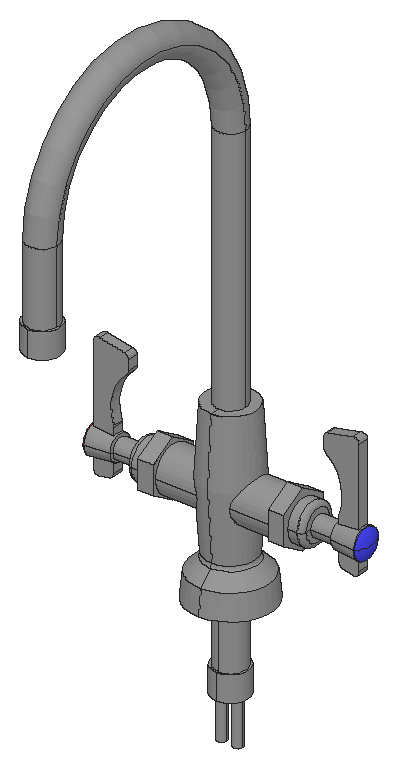
Revit family "Krowne_16-450L_DeckMount_Faucet", category Plumbing Fixtures, Revit 2018
Family settings
  Round Connector Dimension = Use Diameter
  Part Type = Normal
  OmniClass Number = 23.40.40.00
  OmniClass Title = Food Service Equipment and Furnishings
  Work Plane-Based = No
  Always vertical = Yes
  Cut with Voids When Loaded = No
  Shared = No
  Room Calculation Point = No
Parameters (values of type "16-450L")
  Width = 7"
  Weight in Pounds = 5
  Watermarked By = ""
  URL Cutsheet = ""
  URL = "https://krowne.com/"
  Status [instance] = ""
  Specification by User [instance] = ""
  Specification by Manufacturer [instance] = ""
  Serial Number [instance] = ""
  Revision Code [instance] = ""
  NAFEM Spec ID Number [instance] = ""
  Model = "16-450L"
  Masterspec [instance] = ""
  Manufacturer = "Krowne Metal"
  Item Number [instance] = "-"
  Installed By [instance] = ""
  Hot Water Temperature = 100 °F
  Hot Water Size = 3/8"
  Hot Water RI Height = 0"
  Hot Water Flow = 1.2 GPM
  Hot Water Connection Height = 0"
  Height = 13 7/8"
  Furnished By [instance] = ""
  Foodservice Equipment Identifier = yes
  Description = "Single Hole Faucet with Rigid Gooseneck Spout"
  Depth = 7"
  Cold Water Size = 3/8"
  Cold Water RI Height [instance] = 0"
  Cold Water Flow = 1.2 GPM
  Cold Water Consumption = ""
  Cold Water Connection Height = 0"
  CSI MasterFormat = ""
  Assembly Code = "E1090300"
Reference planes (in)
  plane 1 "BACK": y = 0.0625
  plane 2: z = 0
  plane 3 "LEFT": x = -13.81573
  plane 4 "CENTER L/R": x = -12.56573
  plane 5: y = -0.9375
  plane 6: z = 13.875
  plane 7 "Faucet Lip": z = 8.125
  plane 8: y = -6.8125
  plane 9: z = 5.125
  plane 10: x = -9.06573
  plane 11 "CENTER L/S": x = -11.31573
  plane 12: z = 2.375
  plane 13: x = -16.06573
  plane 14 "CENTER L/T": y = -1.9375
Forms (in)
  Extrusion 1, solid, material "QF_Steel-Chrome-Polished"
    sketch origin (0, 0.625, 8.125) x (0, 1, 0) y (-1, 0, 0)
      loop
        circle (-7.4375, 12.56573) r 0.4375
    from 0 to 0.625
  Sweep 2, solid, material "QF_Steel-Chrome-Polished"
    path origin (-12.56573, 0, 0) x (0, 1, 0) y (0, 0, 1)
      loop
        line (-0.9375, 4.375) -> (-0.9375, 10.5625)
        arc (-0.9375, 10.5625) -> (-3.875, 13.5) -> (-6.8125, 10.5625) r 2.9375
        line (-6.8125, 10.5625) -> (-6.8125, 8.1875)
    profile origin (-12.56573, -0.9375, 7.46875) x (0, -1, 0) y (1, 0, 0)
      loop
        circle (0, 0) r 0.375
  Revolve 3, solid, material "QF_Steel-Chrome-Polished"
    sketch origin (-12.56573, 0.1875, 0) x (0, 1, 0) y (0, 0, 1)
      loop
        line (-1.125, 0) -> (-0.125, 0) -> (-0.18466, 0.60399) -> (-0.49693, 0.91626)
        arc (-0.49693, 0.91626) -> (-0.5271, 0.96505) -> (-0.5323, 1.02217) r 0.125
        arc (-0.5323, 1.02217) -> (-0.40613, 2.69753) -> (-0.5, 4.375) r 12.82782
        line (-0.5, 4.375) -> (-1.125, 4.375) -> (-1.125, 0)
      axis (-1.125, 0) -> (-1.125, 4.375)
    angle from 0 to 360
  Extrusion 4, solid, material "QF_Steel-Chrome-Polished"
    sketch origin (-12.87823, 0.1875, -0.125) x (0, 1, 0) y (0, 0, 1)
      loop
        circle (-1.125, 2.5) r 0.5625
    from -1.125 to 1.75
  Revolve 5, solid, material "QF_Steel-Chrome-Polished"
    sketch origin (-12.56573, 0.1875, 0) x (0, 1, 0) y (0, 0, 1)
      loop
        line (-1.125, 0) -> (-1.125, -2.125) -> (-0.6875, -2.125) -> (-0.6875, -1.5) -> (-0.75, -1.5) -> (-0.75, 0) -> (-1.125, 0)
      axis (-1.125, 0) -> (-1.125, -2.125)
    angle from 0 to 360
  Extrusion 6, solid, material "QF_Steel-Chrome-Polished"
    sketch origin (-11.12823, -0.03125, 10.75323) x (0, 1, 0) y (0, 0, 1)
      loop
        line (-0.90625, -7.67139) -> (-1.51839, -8.02481) -> (-1.51839, -8.73164) -> (-0.90625, -9.08506) -> (-0.29411, -8.73164) -> (-0.29411, -8.02481) -> (-0.90625, -7.67139)
    from 0 to 0.375
  Revolve 7, solid, material "QF_Steel-Chrome-Polished"
    sketch origin (-15.12823, -0.03125, 2.375) x (0, 1, 0) y (-1, 0, 0)
      loop
        line (-0.90625, -4.375) -> (-0.90625, -4.75) -> (-0.53125, -4.75)
        arc (-0.53125, -4.75) -> (-0.44286, -4.71339) -> (-0.40625, -4.625) r 0.125
        line (-0.40625, -4.625) -> (-0.40625, -4.375) -> (-0.90625, -4.375)
      axis (-0.90625, -4.375) -> (-0.90625, -4.75)
    angle from 0 to 360
  Revolve 8, solid, material "QF_Steel-Chrome-Polished"
    sketch origin (-15.12823, -0.03125, 2.375) x (0, 1, 0) y (-1, 0, 0)
      loop
        line (-0.90625, -4.75) -> (-0.90625, -5.3125) -> (-0.65625, -5.3125) -> (-0.65625, -4.75) -> (-0.90625, -4.75)
      axis (-0.90625, -4.75) -> (-0.90625, -5.3125)
    angle from 0 to 360
  Revolve 9, solid, material "QF_Steel-Chrome-Polished"
    sketch origin (-15.12823, -0.03125, 2.375) x (0, 1, 0) y (-1, 0, 0)
      loop
        line (-0.90625, -5.3125) -> (-0.90625, -5.9375) -> (-0.53125, -5.9375) -> (-0.59375, -5.3125) -> (-0.90625, -5.3125)
      axis (-0.90625, -5.3125) -> (-0.90625, -5.9375)
    angle from 0 to 360
  Revolve 10, solid, material "QF_Plastic-Blue"
    sketch origin (-15.12823, -0.03125, 2.375) x (0, 1, 0) y (-1, 0, 0)
      loop
        line (-0.90625, -5.9375) -> (-0.90625, -6.0625)
        arc (-0.90625, -6.0625) -> (-0.70704, -6.03513) -> (-0.53125, -5.9375) r 0.54601
        line (-0.53125, -5.9375) -> (-0.90625, -5.9375)
      axis (-0.90625, -5.9375) -> (-0.90625, -6.0625)
    angle from 0 to 360
  Extrusion 11, solid, material "QF_Steel-Chrome-Polished"
    sketch origin (-15.12823, -0.9375, 10.75323) x (0, 0, 1) y (-1, 0, 0)
      loop
        arc (-6.12823, -5.875) -> (-6.03156, -5.82925) -> (-6.00565, -5.72549) r 0.125
        line (-6.00565, -5.72549) -> (-6.13064, -5.10053)
        arc (-6.13064, -5.10053) -> (-6.17396, -5.02837) -> (-6.25321, -5.00004) r 0.125
        line (-6.25321, -5.00004) -> (-6.5031, -5.00004)
        arc (-6.5031, -5.00004) -> (-6.55588, -5.01173) -> (-6.59879, -5.04462) r 0.125
        arc (-6.59879, -5.04462) -> (-7.17151, -5.40979) -> (-7.85017, -5.38199) r 1.13354
        arc (-7.85017, -5.38199) -> (-7.871, -5.37648) -> (-7.89247, -5.37462) r 0.125
        line (-7.89247, -5.37462) -> (-8.92568, -5.37462)
        arc (-8.92568, -5.37462) -> (-9.00493, -5.40295) -> (-9.04825, -5.47511) r 0.125
        line (-9.04825, -5.47511) -> (-9.09832, -5.72549)
        arc (-9.09832, -5.72549) -> (-9.07242, -5.82925) -> (-8.97575, -5.875) r 0.125
        line (-8.97575, -5.875) -> (-6.12823, -5.875)
    from -0.125 to 0.125
  Extrusion 12, solid, material "QF_Steel-Chrome-Polished"
    sketch origin (-14.00323, -0.03125, 10.75323) x (0, 1, 0) y (0, 0, -1)
      loop
        line (-0.90625, 7.67139) -> (-0.29411, 8.02481) -> (-0.29411, 8.73164) -> (-0.90625, 9.08506) -> (-1.51839, 8.73164) -> (-1.51839, 8.02481) -> (-0.90625, 7.67139)
    from 0 to 0.375
  Revolve 13, solid, material "QF_Steel-Chrome-Polished"
    sketch origin (-10.00323, -0.03125, 2.375) x (0, 1, 0) y (-1, 0, 0)
      loop
        line (-0.90625, 4.375) -> (-0.40625, 4.375) -> (-0.40625, 4.625)
        arc (-0.40625, 4.625) -> (-0.44286, 4.71339) -> (-0.53125, 4.75) r 0.125
        line (-0.53125, 4.75) -> (-0.90625, 4.75) -> (-0.90625, 4.375)
      axis (-0.90625, 4.375) -> (-0.90625, 4.75)
    angle from 0 to 360
  Revolve 14, solid, material "QF_Steel-Chrome-Polished"
    sketch origin (-10.00323, -0.03125, 2.375) x (0, 1, 0) y (-1, 0, 0)
      loop
        line (-0.90625, 4.75) -> (-0.65625, 4.75) -> (-0.65625, 5.3125) -> (-0.90625, 5.3125) -> (-0.90625, 4.75)
      axis (-0.90625, 4.75) -> (-0.90625, 5.3125)
    angle from 0 to 360
  Revolve 15, solid, material "QF_Steel-Chrome-Polished"
    sketch origin (-10.00323, -0.03125, 2.375) x (0, 1, 0) y (-1, 0, 0)
      loop
        line (-0.90625, 5.3125) -> (-0.59375, 5.3125) -> (-0.53125, 5.9375) -> (-0.90625, 5.9375) -> (-0.90625, 5.3125)
      axis (-0.90625, 5.3125) -> (-0.90625, 5.9375)
    angle from 0 to 360
  Revolve 16, solid, material "QF_Plastic-Red"
    sketch origin (-10.00323, -0.03125, 2.375) x (0, 1, 0) y (-1, 0, 0)
      loop
        line (-0.90625, 5.9375) -> (-0.53125, 5.9375)
        arc (-0.53125, 5.9375) -> (-0.70704, 6.03513) -> (-0.90625, 6.0625) r 0.54601
        line (-0.90625, 6.0625) -> (-0.90625, 5.9375)
      axis (-0.90625, 5.9375) -> (-0.90625, 6.0625)
    angle from 0 to 360
  Extrusion 17, solid, material "QF_Steel-Chrome-Polished"
    sketch origin (-10.00323, -0.9375, 10.75323) x (0, 0, 1) y (-1, 0, 0)
      loop
        line (-6.12823, 5.875) -> (-8.97575, 5.875)
        arc (-8.97575, 5.875) -> (-9.07242, 5.82925) -> (-9.09832, 5.72549) r 0.125
        line (-9.09832, 5.72549) -> (-9.04825, 5.47511)
        arc (-9.04825, 5.47511) -> (-9.00493, 5.40295) -> (-8.92568, 5.37462) r 0.125
        line (-8.92568, 5.37462) -> (-7.89247, 5.37462)
        arc (-7.89247, 5.37462) -> (-7.871, 5.37648) -> (-7.85017, 5.38199) r 0.125
        arc (-7.85017, 5.38199) -> (-7.17151, 5.40979) -> (-6.59879, 5.04462) r 1.13354
        arc (-6.59879, 5.04462) -> (-6.55588, 5.01173) -> (-6.5031, 5.00004) r 0.125
        line (-6.5031, 5.00004) -> (-6.25321, 5.00004)
        arc (-6.25321, 5.00004) -> (-6.17396, 5.02837) -> (-6.13064, 5.10053) r 0.125
        line (-6.13064, 5.10053) -> (-6.00565, 5.72549)
        arc (-6.00565, 5.72549) -> (-6.03156, 5.82925) -> (-6.12823, 5.875) r 0.125
    from -0.125 to 0.125
  Revolve 18, solid, material "QF_Steel-Chrome-Polished"
    sketch origin (-11.25165, -0.9375, 0) x (1, 0, 0) y (0, 0, -1)
      loop
        line (-1.125, 3.25) -> (-1.125, 2.125) -> (-1.0056, 2.125) -> (-1.0056, 3.25) -> (-1.125, 3.25)
      axis (-1.125, 2.125) -> (-1.125, 3.25)
    angle from 0 to 360
  Revolve 19, solid, material "QF_Steel-Chrome-Polished"
    sketch origin (-11.65948, -0.9375, 0) x (1, 0, 0) y (0, 0, -1)
      loop
        line (-1.125, 3.25) -> (-1.125, 2.125) -> (-1.0056, 2.125) -> (-1.0056, 3.25) -> (-1.125, 3.25)
      axis (-1.125, 2.125) -> (-1.125, 3.25)
    angle from 0 to 360
Cuts and joins
  joined: Extrusion 1, Sweep 2
  joined: Revolve 15, Extrusion 17
  joined: Revolve 9, Extrusion 11
Lines and regions (in)
  symbolic lines
    curve 1: arc (-12.94073, -0.9375, 0) -> (-12.56573, -0.5625, 0) -> (-12.19073, -0.9375, 0) r 0.375
    curve 2: arc (-12.94073, -7.4375, 0) -> (-12.83089, -7.70267, 0) -> (-12.56573, -7.8125, 0) r 0.375
    curve 3: arc (-12.56573, -7.8125, 0) -> (-12.30056, -7.70267, 0) -> (-12.19073, -7.4375, 0) r 0.375
    curve 4: line (-12.94073, -7.4375, 0) -> (-12.94073, -0.9375, 0)
    curve 5: line (-12.19073, -0.9375, 0) -> (-12.19073, -7.4375, 0)
    curve 6: arc (-12.56573, 0.0625, 0) -> (-12.09802, -0.05362, 0) -> (-11.73893, -0.375, 0) r 1
    curve 7: arc (-12.94073, -1.86452, 0) -> (-13.19366, -1.71577, 0) -> (-13.39252, -1.5, 0) r 1
    curve 8: arc (-12.94073, -1.55954, 0) -> (-12.56573, -0.21296, 0) -> (-12.19073, -1.55954, 0) r 0.72551
    curve 9: line (-14.00323, -0.375, 0) -> (-14.00323, -1.5, 0)
    curve 10: line (-14.00323, -1.5, 0) -> (-13.02512, -1.5, 0)
    curve 11: line (-14.00323, -0.375, 0) -> (-13.02274, -0.375, 0)
    curve 12: line (-11.12823, -0.375, 0) -> (-11.12823, -1.5, 0)
    curve 13: line (-11.12823, -1.5, 0) -> (-12.10633, -1.5, 0)
    curve 14: line (-11.12823, -0.375, 0) -> (-12.10871, -0.375, 0)
    curve 15: arc (-13.39252, -0.375, 0) -> (-13.03343, -0.05362, 0) -> (-12.56573, 0.0625, 0) r 1
    curve 16: arc (-11.73893, -1.5, 0) -> (-11.93779, -1.71577, 0) -> (-12.19073, -1.86452, 0) r 1
    curve 17: line (-14.00323, -0.45036, 0) -> (-14.37823, -0.45036, 0)
    curve 18: line (-14.37823, -0.45036, 0) -> (-14.37823, -1.42464, 0)
    curve 19: line (-14.37823, -1.42464, 0) -> (-14.00323, -1.42464, 0)
    curve 20: line (-14.37823, -0.4375, 0) -> (-14.60737, -0.4375, 0)
    curve 21: line (-14.75575, -0.58588, 0) -> (-14.75575, -1.31956, 0)
    curve 22: line (-14.37823, -1.4375, 0) -> (-14.63781, -1.4375, 0)
    curve 23: arc (-14.60737, -0.4375, 0) -> (-14.71229, -0.48096, 0) -> (-14.75575, -0.58588, 0) r 0.14838
    curve 24: arc (-14.63781, -1.4375, 0) -> (-14.72121, -1.40295, 0) -> (-14.75575, -1.31956, 0) r 0.11794
    curve 25: line (-15.87823, -1.0625, 0) -> (-15.00327, -1.0625, 0)
    curve 26: line (-15.87823, -0.8125, 0) -> (-15.87823, -1.0625, 0)
    curve 27: line (-15.00327, -0.8125, 0) -> (-15.87823, -0.8125, 0)
    curve 28: line (-15.00327, -1.0625, 0) -> (-15.00327, -0.8125, 0)
    curve 29: line (-15.31573, -0.8125, 0) -> (-15.31573, -0.625, 0)
    curve 30: line (-15.31573, -0.625, 0) -> (-15.94073, -0.5625, 0)
    curve 31: line (-15.94073, -0.5625, 0) -> (-15.94073, -1.3125, 0)
    curve 32: line (-15.94073, -1.3125, 0) -> (-15.31573, -1.25, 0)
    curve 33: line (-15.31573, -1.25, 0) -> (-15.31573, -1.0625, 0)
    curve 34: line (-15.31573, -1.19301, 0) -> (-14.75575, -1.19301, 0)
    curve 35: line (-15.31573, -0.68191, 0) -> (-14.75575, -0.68191, 0)
    curve 36: arc (-15.94073, -1.3125, 0) -> (-16.06573, -0.9375, 0) -> (-15.94073, -0.5625, 0) r 0.625
    curve 37: line (-11.12823, -0.45036, 0) -> (-10.75323, -0.45036, 0)
    curve 38: line (-10.75323, -0.45036, 0) -> (-10.75323, -1.42464, 0)
    curve 39: line (-10.75323, -1.42464, 0) -> (-11.12823, -1.42464, 0)
    curve 40: line (-10.75323, -0.4375, 0) -> (-10.52408, -0.4375, 0)
    curve 41: line (-10.3757, -0.58588, 0) -> (-10.3757, -1.31956, 0)
    curve 42: line (-10.75323, -1.4375, 0) -> (-10.49364, -1.4375, 0)
    curve 43: arc (-10.52408, -0.4375, 0) -> (-10.41916, -0.48096, 0) -> (-10.3757, -0.58588, 0) r 0.14838
    curve 44: arc (-10.49364, -1.4375, 0) -> (-10.41024, -1.40295, 0) -> (-10.3757, -1.31956, 0) r 0.11794
    curve 45: line (-9.25323, -1.0625, 0) -> (-10.12819, -1.0625, 0)
    curve 46: line (-9.25323, -0.8125, 0) -> (-9.25323, -1.0625, 0)
    curve 47: line (-10.12819, -0.8125, 0) -> (-9.25323, -0.8125, 0)
    curve 48: line (-10.12819, -1.0625, 0) -> (-10.12819, -0.8125, 0)
    curve 49: line (-9.81573, -0.8125, 0) -> (-9.81573, -0.625, 0)
    curve 50: line (-9.81573, -0.625, 0) -> (-9.19073, -0.5625, 0)
    curve 51: line (-9.19073, -0.5625, 0) -> (-9.19073, -1.3125, 0)
    curve 52: line (-9.19073, -1.3125, 0) -> (-9.81573, -1.25, 0)
    curve 53: line (-9.81573, -1.25, 0) -> (-9.81573, -1.0625, 0)
    curve 54: line (-9.81573, -1.19301, 0) -> (-10.3757, -1.19301, 0)
    curve 55: line (-9.81573, -0.68191, 0) -> (-10.3757, -0.68191, 0)
    curve 56: arc (-9.19073, -1.3125, 0) -> (-9.06573, -0.9375, 0) -> (-9.19073, -0.5625, 0) r 0.625
Dimensions and locks (in)
  plane 8 to plane 5 = 5 7/8"
  plane 7 "Faucet Lip" to plane 9 = 3"
  plane 5 to plane 1 "BACK" = 1"
  plane 6 to plane 9 = 8 3/4"
  plane 3 "LEFT" to plane 10 = 4 3/4"
  plane 11 "CENTER L/S" to plane 3 "LEFT" = 2 1/2"
  plane 12 to level = 2 3/8"
  plane 10 to plane 13 = 7"
  plane 6 to level = 13 7/8"
  plane 7 "Faucet Lip" to level = 8 1/8"
  plane 1 "BACK" to plane 14 "CENTER L/T" = 2"
  plane 5 to plane 8 = 5 7/8"
  aligned and locked: level to plane 2
  aligned and locked: Sweep 2 sketch curve to plane 8
  aligned and locked: Revolve 7 sketch curve to Extrusion 6
  aligned and locked: Revolve 9 sketch curve to Revolve 9 sketch curve
  aligned and locked: Extrusion 12 to Revolve 13 sketch curve
  aligned and locked: Revolve 15 sketch curve to Revolve 15 sketch curve
Connectors (in)
  piping at (-12.37665, -0.9375, -3.25), diameter 0.375, driven by "Cold Water Size", driven by "Cold Water Flow"
    settings: on Revolve 18, index 1, connector inside diameter 24", connector length 0", flow factor 0, pipe flow 1.2 GPM, pressure drop 0.00 psi, fitting loss kfactor 0, connector angle 0.00°, fixture units 0, engagement length 0", angle of deflection 0.00°, flow configuration 0, flow direction 0, fitting loss method 0, system type 20, joint type 0, gender type 0, connector reference index -1, connector utility 0, adjustable connector no, is connector primary yes, connector description ""
  piping at (-12.78448, -0.9375, -3.25), diameter 0.375, driven by "Hot Water Size", driven by "Hot Water Flow"
    settings: on Revolve 19, index 2, connector inside diameter 24", connector length 0", flow factor 0, pipe flow 1.2 GPM, pressure drop 0.00 psi, fitting loss kfactor 0, connector angle 0.00°, fixture units 0, engagement length 0", angle of deflection 0.00°, flow configuration 0, flow direction 0, fitting loss method 0, system type 19, joint type 0, gender type 0, connector reference index -1, connector utility 0, adjustable connector no, is connector primary no, connector description ""
